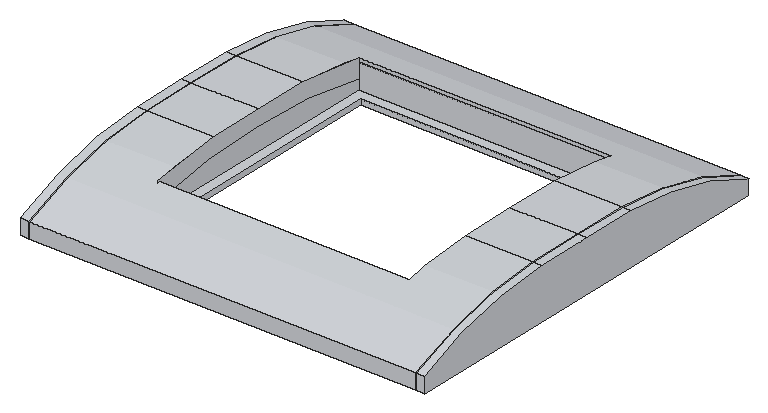
Revit family "Gira_1002331", category Electrical Fixtures, host Face, Revit 2017
Family settings
  Host = Face
  Maintain Annotation Orientation = No
  Round Connector Dimension = Use Diameter
  Part Type = Normal
  Cut with Voids When Loaded = No
  Shared = No
  Room Calculation Point = No
Parameters (values of type "Abdeckrahmen 2f o.M. Zwischenr. RW Gira Event Opak Dklbraun")
  Werkstoffgüte = "Thermoplast"
  Werkstoff = "Kunststoff"
  URL = "http://katalog.gira.de/de_DE/datenblatt.html?artikelnr=1002331"
  Transparent = "No"
  Textfeld/Beschriftungsfläche = "No"
  Schutzart (IP) = "IP20"
  Region = "DE"
  Oberfläche = "sonstige"
  Name = "Abdeckrahmen 2f o.M. Zwischenr. RW Gira Event Opak Dklbraun"
  Montagerichtung = "horizontal und vertikal"
  Mit Montagerahmen = "No"
  Mit Klappdeckel = "No"
  Manufacturer URL = "https://www.gira.de/"
  Keynote = "Event_Rahmen_2fach o.Mittelsteg"
  HeinzeBIM = "https://bimportal.heinze.de/bim/abdeckrahmen-2f-o-m-zwischenr-rw-gira-event-opak-dklbraun/c0427c3904edd36c51ddb6fe6fc0c4c45f247244"
  Halogenfrei = "Yes"
  HAN = "1002331"
  Geeignet für Unterputz-Installation = "Yes"
  Geeignet für Unterflurkanaldose = "No"
  Geeignet für Geräteeinbaukanal = "No"
  Geeignet für Einbauinstallation = "No"
  GTIN = "4010337074731"
  Farbe = "braun"
  Default Elevation = 1219.2 mm
  Data sheet (1) = "https://katalog.gira.de/de_DE/download.html?artikelnr=1002331"
  Category = "Abdeckrahmen"
  Befestigungsart = "Klemmbefestigung"
  Available = "Yes"
  Anzahl der Einheiten vertikal = "2 "
  Anzahl der Einheiten horizontal = "2 "
  Anzahl der Einheiten = "2 "
Reference planes
  plane 1 "Center (Front/Back)": y = 0
  plane 2: z = 0
  plane 3 "Center (Left/Right)": x = 0
Forms (mm)
  Extrusion 1, solid, detail levels fine
    sketch origin (0, 0, 1.55) x (0, 1, 0) y (0, 0, 1)
      loop
        arc (12.445, 9.683) -> (6.223, 9.833) -> (0, 9.85) r 291.636
        arc (0, 9.85) -> (-6.223, 9.833) -> (-12.445, 9.683) r 291.636
        arc (-12.445, 9.683) -> (-29.14, 7.482) -> (-45, 1.823) r 79.728
        line (-45, 1.823) -> (-45, -1.55) -> (-41.777, -1.55) -> (-41.777, -0.55)
        arc (-41.777, -0.55) -> (-21.205, 4.846) -> (0, 6.467) r 118.15
        arc (0, 6.467) -> (21.205, 4.846) -> (41.777, -0.55) r 118.15
        line (41.777, -0.55) -> (41.777, -1.55) -> (45, -1.55) -> (45, 1.823)
        arc (45, 1.823) -> (29.14, 7.482) -> (12.445, 9.683) r 79.728
    from -43 to 43
  Extrusion 2, void, detail levels fine
    sketch origin (0, 0, 0) x (1, 0, 0) y (0, 1, 0)
      loop
        line (-28, -28) -> (28, -28) -> (28, 28) -> (-28, 28) -> (-28, -28)
    from 2.85 to 12
  Extrusion 3, solid, detail levels coarse
    sketch origin (0, 0, 0) x (1, 0, 0) y (0, 1, 0)
      loop
        line (-45, 45) -> (-45, -45) -> (45, -45) -> (45, 45) -> (-45, 45)
    from 0 to 11.4
  Extrusion 4, solid, detail levels medium
    sketch origin (0, 0, 1.55) x (0, 1, 0) y (0, 0, 1)
      loop
        arc (12.445, 9.683) -> (6.223, 9.833) -> (0, 9.85) r 291.636
        arc (0, 9.85) -> (-6.223, 9.833) -> (-12.445, 9.683) r 291.636
        arc (-12.445, 9.683) -> (-29.14, 7.482) -> (-45, 1.823) r 79.728
        line (-45, 1.823) -> (-45, -1.55) -> (45, -1.55) -> (45, 1.823)
        arc (45, 1.823) -> (29.14, 7.482) -> (12.445, 9.683) r 79.728
    from -45 to 45
  Extrusion 5, solid, detail levels fine
    sketch origin (0, 0, 0) x (0, 1, 0) y (0, 0, 1)
      loop
        arc (45, 3.373) -> (29.14, 9.032) -> (12.445, 11.233) r 79.728
        arc (12.445, 11.233) -> (6.223, 11.383) -> (0, 11.4) r 291.636
        arc (0, 11.4) -> (-6.223, 11.383) -> (-12.445, 11.233) r 291.636
        arc (-12.445, 11.233) -> (-29.14, 9.032) -> (-45, 3.373) r 79.728
        line (-45, 3.373) -> (-45, 0) -> (45, 0) -> (45, 3.373)
    from 43 to 45
  Extrusion 6, solid, detail levels fine
    sketch origin (0, 0, 0) x (0, 1, 0) y (0, 0, -1)
      loop
        line (45, -3.373) -> (45, 0) -> (-45, 0) -> (-45, -3.373)
        arc (-45, -3.373) -> (-29.14, -9.032) -> (-12.445, -11.233) r 79.728
        arc (-12.445, -11.233) -> (-6.223, -11.383) -> (0, -11.4) r 291.636
        arc (0, -11.4) -> (6.223, -11.383) -> (12.445, -11.233) r 291.636
        arc (12.445, -11.233) -> (29.14, -9.032) -> (45, -3.373) r 79.728
    from 43 to 45
  Extrusion 7, solid, detail levels fine
    sketch origin (0, 0, 0) x (1, 0, 0) y (0, 1, 0)
      loop
        line (-25.7, 25.7) -> (-25.7, -25.7) -> (25.7, -25.7) -> (25.7, 25.7) -> (-25.7, 25.7)
      loop
        line (-29.495, 27.895) -> (-29.495, -27.895)
        spline (-29.495, -27.895) -> (-29.486, -28.025) -> (-29.461, -28.154) -> (-29.419, -28.278) -> (-29.361, -28.395) -> (-29.288, -28.504) -> (-29.202, -28.602) -> (-29.104, -28.688) -> (-28.995, -28.761) -> (-28.878, -28.819) -> (-28.754, -28.861) -> (-28.625, -28.886) -> (-28.495, -28.895)
        line (-28.495, -28.895) -> (28.495, -28.895)
        spline (28.495, -28.895) -> (28.625, -28.886) -> (28.754, -28.861) -> (28.878, -28.819) -> (28.995, -28.761) -> (29.104, -28.688) -> (29.202, -28.602) -> (29.288, -28.504) -> (29.361, -28.395) -> (29.419, -28.278) -> (29.461, -28.154) -> (29.486, -28.025) -> (29.495, -27.895)
        line (29.495, -27.895) -> (29.495, 27.895)
        spline (29.495, 27.895) -> (29.486, 28.025) -> (29.461, 28.154) -> (29.419, 28.278) -> (29.361, 28.395) -> (29.288, 28.504) -> (29.202, 28.602) -> (29.104, 28.688) -> (28.995, 28.761) -> (28.878, 28.819) -> (28.754, 28.861) -> (28.625, 28.886) -> (28.495, 28.895)
        line (28.495, 28.895) -> (-28.495, 28.895)
        spline (-28.495, 28.895) -> (-28.625, 28.886) -> (-28.754, 28.861) -> (-28.878, 28.819) -> (-28.995, 28.761) -> (-29.104, 28.688) -> (-29.202, 28.602) -> (-29.288, 28.504) -> (-29.361, 28.395) -> (-29.419, 28.278) -> (-29.461, 28.154) -> (-29.486, 28.025) -> (-29.495, 27.895)
    from 1.673 to 8.5
Cuts and joins
  Extrusion 2 cuts Extrusion 1
  Extrusion 2 cuts Extrusion 7
Dimensions and locks
  aligned and locked: plane 2 to host face
  aligned and locked: level to host face
